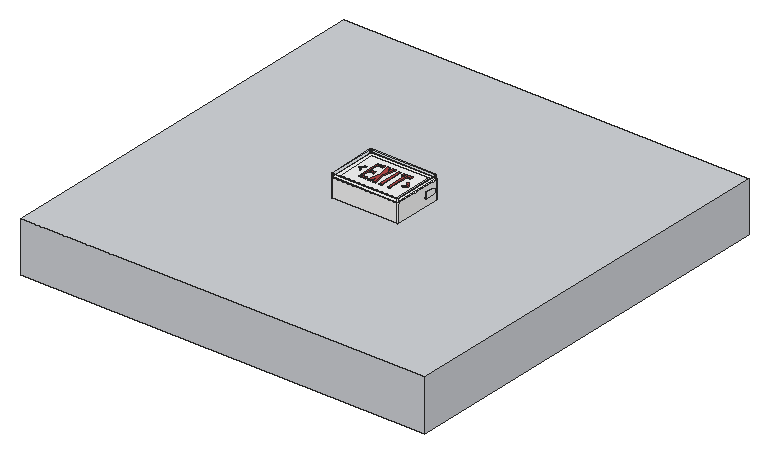
Revit family "LN4X", category Lighting Fixtures, host Face, Revit 2012
Parameters (values of type "LNX4")
  Wattage Comments = "2.64-3.50W"
  Wattage = 3.5 W
  built-in parameter 1150110 = 1 (stored number, unit not read)
  URL = "http://www.dual-lite.com/"
  built-in parameter 1114217 = 1 (stored number, unit not read)
  built-in parameter 1150109 = 1 (stored number, unit not read)
  built-in parameter 1150134 = 3
  built-in parameter 1150113 = 1 (stored number, unit not read)
  Product Page URL = "http://www.dual-lite.com/products/lf_ln4x"
  Product Documentation Link = "http://www.dual-lite.com/content/products/specs/specs_files/0601435c_ln4x_spec_sheet.pdf"
  Mounting = "Wall Mount"  # constant formula
  Model = "LNX4"  # constant formula
  Manufacturer Phone = "(864)-678-1000"  # constant formula
  Manufacturer Fax = "(864)-678-1415"  # constant formula
  Manufacturer = "Dual-Lite"  # constant formula
  built-in parameter 1150105 = 41.372 (stored number, unit not read)
  Lumens = 519.897 lm
  built-in parameter 1150115 = 1 (stored number, unit not read)
  Light Source Symbol Size = 0.300"
  built-in parameter 1150137 = (empty or 0)
  built-in parameter 1150139 = (empty or 0)
  Lettering = Red
  built-in parameter 1150112 = 1 (stored number, unit not read)
  built-in parameter 1150114 = 1 (stored number, unit not read)
  Lamp = "LED"  # constant formula
  built-in parameter 1150132 = (empty or 0)
  built-in parameter 1150102 = (empty or 0)
  built-in parameter 1150107 = 3200 (stored number, unit not read)
  built-in parameter 1150138 = (empty or 0)
  built-in parameter 1150106 = 0.41372 (stored number, unit not read)
  Glass = Glass
  Family = "Outdoor Emergency Lighting"  # constant formula
  Emit from Line Length = 15.000"
  built-in parameter 1150104 = 13.8 (stored number, unit not read)
  Dimming Lamp Color Temperature Shift = <None>
  Description = "Exit Sign, Wet Location, Thermoplastic Housing"  # constant formula
  Default Elevation = 48.000"
  Color Filter = 16777215
  built-in parameter 1114218 = 1 (stored number, unit not read)
  Backbox = White
  built-in parameter 1150133 = 10 (stored number, unit not read)
Reference planes (in)
  plane 1 "Center (Front/Back)": y = 0.03999
  plane 2: z = 0.06357
  plane 3 "Center (Left/Right)": x = 0
  plane 4: x = -7.875
  plane 5: y = 5.91499
  plane 6: y = -5.83501
  plane 7: x = 7.875
  plane 8: z = 5.31357
  plane 9: z = 4.45016
  plane 10: z = 4.67935
  plane 11: y = 0.03061
  plane 12: y = 0.03061
  plane 13: z = 4.78605
  plane 14: x = 8.3125
  plane 15: y = 2.14716
Forms (in)
  Extrusion 1, solid
    sketch origin (0, 0, 0.06357) x (1, 0, 0) y (0, 1, 0)
      loop
        line (-48, 48) -> (-48, -48) -> (48, -48) -> (48, 48) -> (-48, 48)
    from 0 to -12
  Extrusion 2, solid, material "White" <- "Backbox"
    sketch origin (0, 0, 0.06357) x (1, 0, 0) y (0, 1, 0)
      loop
        arc (-7.575, 5.91499) -> (-7.78713, 5.82712) -> (-7.875, 5.61499) r 0.3
        line (-7.875, 5.61499) -> (-7.875, -5.53501)
        arc (-7.875, -5.53501) -> (-7.78713, -5.74714) -> (-7.575, -5.83501) r 0.3
        line (-7.575, -5.83501) -> (7.575, -5.83501)
        arc (7.575, -5.83501) -> (7.78713, -5.74714) -> (7.875, -5.53501) r 0.3
        line (7.875, -5.53501) -> (7.875, 5.61499)
        arc (7.875, 5.61499) -> (7.78713, 5.82712) -> (7.575, 5.91499) r 0.3
        line (7.575, 5.91499) -> (-7.575, 5.91499)
    from 0 to 4.38659
  Extrusion 3, solid, material "Glass" <- "Glass"
    sketch origin (0, 0, 0.06357) x (1, 0, 0) y (0, 1, 0)
      loop
        line (-7.875, 5.61499) -> (-7.875, -5.53501)
        arc (-7.875, -5.53501) -> (-7.78713, -5.74714) -> (-7.575, -5.83501) r 0.3
        line (-7.575, -5.83501) -> (7.575, -5.83501)
        arc (7.575, -5.83501) -> (7.78713, -5.74714) -> (7.875, -5.53501) r 0.3
        line (7.875, -5.53501) -> (7.875, 5.61499)
        arc (7.875, 5.61499) -> (7.78713, 5.82712) -> (7.575, 5.91499) r 0.3
        line (7.575, 5.91499) -> (-7.575, 5.91499)
        arc (-7.575, 5.91499) -> (-7.78713, 5.82712) -> (-7.875, 5.61499) r 0.3
    from 5.15219 to 5.25
  Extrusion 4, solid, material "Glass" <- "Glass"
    sketch origin (0, 0, 0.06357) x (1, 0, 0) y (0, 1, 0)
      loop
        line (-7.875, 5.61499) -> (-7.875, -5.53501)
        arc (-7.875, -5.53501) -> (-7.78713, -5.74714) -> (-7.575, -5.83501) r 0.3
        line (-7.575, -5.83501) -> (7.575, -5.83501)
        arc (7.575, -5.83501) -> (7.78713, -5.74714) -> (7.875, -5.53501) r 0.3
        line (7.875, -5.53501) -> (7.875, 5.61499)
        arc (7.875, 5.61499) -> (7.78713, 5.82712) -> (7.575, 5.91499) r 0.3
        line (7.575, 5.91499) -> (-7.575, 5.91499)
        arc (-7.575, 5.91499) -> (-7.78713, 5.82712) -> (-7.875, 5.61499) r 0.3
      loop
        line (-7.775, 5.61499) -> (-7.775, -5.53501)
        arc (-7.775, -5.53501) -> (-7.71642, -5.67643) -> (-7.575, -5.73501) r 0.2
        line (-7.575, -5.73501) -> (7.575, -5.73501)
        arc (7.575, -5.73501) -> (7.71642, -5.67643) -> (7.775, -5.53501) r 0.2
        line (7.775, -5.53501) -> (7.775, 5.61499)
        arc (7.775, 5.61499) -> (7.71642, 5.75641) -> (7.575, 5.81499) r 0.2
        line (7.575, 5.81499) -> (-7.575, 5.81499)
        arc (-7.575, 5.81499) -> (-7.71642, 5.75641) -> (-7.775, 5.61499) r 0.2
    from 4.38659 to 5.15219
  Extrusion 5, solid, material "White" <- "Backbox"
    sketch origin (0, 0, 0.06357) x (1, 0, 0) y (0, 1, 0)
      loop
        line (-6.675, 4.71499) -> (-6.675, -4.63501) -> (6.675, -4.63501) -> (6.675, 4.71499) -> (-6.675, 4.71499)
    from 4.38659 to 4.61579
  Extrusion 6, solid, material "Red" <- "Lettering"
    sketch origin (0.76086, 5.11352, 0.06357) x (0, 1, 0) y (-1, 0, 0)
      loop
        line (-7.32353, 4.26086) -> (-5.24161, 4.26086) -> (-5.24161, 3.07884) -> (-4.92704, 3.07884) -> (-4.61247, 3.07884) -> (-4.61247, 4.26086) -> (-2.53056, 4.26086) -> (-2.53056, 3.07884) -> (-2.03056, 3.07884) -> (-2.03056, 4.76086) -> (-4.92704, 4.76086) -> (-7.82353, 4.76086) -> (-7.82353, 3.07884) -> (-7.32353, 3.07884) -> (-7.32353, 4.26086)
      loop
        line (-7.82243, 2.47814) -> (-7.82243, 1.82285) -> (-7.03104, 1.53481) -> (-7.82243, 1.24677) -> (-7.82243, 0.59148) -> (-4.92704, 1.25993) -> (-2.03165, 0.59148) -> (-2.03165, 1.24677) -> (-2.82304, 1.53481) -> (-2.03165, 1.82285) -> (-2.03165, 2.47814) -> (-4.92704, 1.80969) -> (-7.82243, 2.47814)
      loop
        line (-7.82353, -0.17116) -> (-7.82353, -0.771) -> (-2.03165, -0.771) -> (-2.03165, -0.17116) -> (-7.82353, -0.17116)
      loop
        line (-2.68694, -3.61882) -> (-2.03165, -3.61882) -> (-2.03165, -1.36882) -> (-2.68694, -1.36882) -> (-2.68694, -2.15022) -> (-7.82353, -2.15022) -> (-7.82353, -2.75006) -> (-2.68694, -2.75006) -> (-2.68694, -3.61882)
    from 4.72248 to 4.61579
  Extrusion 7, solid, material "Red"
    sketch origin (-0.30719, 3.0543, 0.06357) x (0, -1, 0) y (1, 0, 0)
      loop
        line (3.79907, -4.97072) -> (3.79907, -4.58478) -> (3.02369, -5.36016) -> (2.24831, -4.58478) -> (2.24831, -4.97072) -> (3.02369, -5.7461) -> (3.79907, -4.97072)
      loop
        line (3.79907, 5.42318) -> (3.02369, 6.19856) -> (2.24831, 5.42318) -> (2.24831, 5.03724) -> (3.02369, 5.81262) -> (3.79907, 5.03724) -> (3.79907, 5.42318)
    from 4.72248 to 4.61579
  Extrusion 8, solid, material "White" <- "Backbox"
    sketch origin (0, 0, 0) x (0, 1, 0) y (0, 0, 1)
      loop
        line (2.14716, 3.21804) -> (2.14716, 2.07908)
        arc (2.14716, 2.07908) -> (2.19617, 1.96816) -> (2.31118, 1.92974) r 0.15
        line (2.31118, 1.92974) -> (4.09241, 2.09703)
        arc (4.09241, 2.09703) -> (4.66523, 2.66985) -> (4.09241, 3.24267) r 0.57282
        line (4.09241, 3.24267) -> (2.30764, 3.36768)
        arc (2.30764, 3.36768) -> (2.19486, 3.32775) -> (2.14716, 3.21804) r 0.15
    from 7.875 to 8.3125
Cuts and joins
  joined: Extrusion 3, Extrusion 4
Dimensions and locks (in)
  locked: plane 4 to plane 3 "Center (Left/Right)" at 7.875
  locked: plane 5 to plane 1 "Center (Front/Back)" at 5.875
  locked: plane 6 to plane 1 "Center (Front/Back)" at 5.875
  locked: plane 7 to plane 3 "Center (Left/Right)" at 7.875
  locked: plane 8 to plane 2 at 5.25
  plane 2 to plane 9 to plane 8 = 4.38659", 0.86341"
  locked: plane 3 "Center (Left/Right)" to plane 14 at 8.3125
  Extrusion 5 sketch curve to Extrusion 5 sketch curve to plane 4 = 13.350" locked, 1.200" locked
  Extrusion 5 sketch curve to Extrusion 5 sketch curve to plane 5 = 9.350" locked, 1.200" locked
  aligned and locked: plane 2 to Extrusion 1
  aligned and locked: level to plane 2
  aligned and locked: Extrusion 2 sketch curve to plane 5
  aligned and locked: plane 4 to Extrusion 2 sketch curve
  aligned and locked: Extrusion 2 sketch curve to plane 6
  aligned and locked: plane 7 to Extrusion 2 sketch curve
  aligned and locked: plane 9 to Extrusion 2
  aligned and locked: Extrusion 3 sketch curve to Extrusion 2  (x4)
  aligned and locked: plane 8 to Extrusion 3
  aligned and locked: Extrusion 4 sketch curve to Extrusion 3  (x4)
  aligned and locked: Extrusion 4 to Extrusion 2
  aligned and locked: Extrusion 4 to Extrusion 3
  aligned and locked: Extrusion 5 to Extrusion 2
  aligned and locked: Extrusion 6 sketch curve to Extrusion 6 sketch curve
  aligned and locked: Extrusion 7 sketch curve to plane 11  (x4)
  aligned and locked: plane 12 to Extrusion 7 sketch curve  (x4)
  aligned and locked: Extrusion 5 to Extrusion 6
  aligned and locked: Extrusion 7 to Extrusion 5
  aligned and locked: Extrusion 7 to Extrusion 6
  aligned and locked: plane 13 to Extrusion 7
  aligned and locked: plane 15 to Extrusion 8
  aligned and locked: plane 7 to Extrusion 8
  aligned and locked: plane 14 to Extrusion 8
  aligned and locked: Extrusion 8 to plane 15
  aligned and locked: plane 8 to cut or joined group of Extrusion 3, Extrusion 4
  aligned and locked: plane 10 to Extrusion 5
  aligned and locked: Extrusion 5 sketch curve to Extrusion 5 sketch curve  (x4)
  aligned and locked: imposter light to cut or joined group of Extrusion 3, Extrusion 4
Connectors (in)
  electrical at (0, 0, 0.06357), driven by "Description"
    settings: index 1, voltage 0 V, apparent load 0 VA, apparent load phase1 0 VA, apparent load phase2 0 VA, apparent load phase3 0 VA, power factor 1, load classification "Other", number of poles 1, system type 30, power factor state 1, is connector primary yes, connector utility no, sub classification motor no, connector description "Exit Sign, Wet Location, Thermoplastic Housing"
